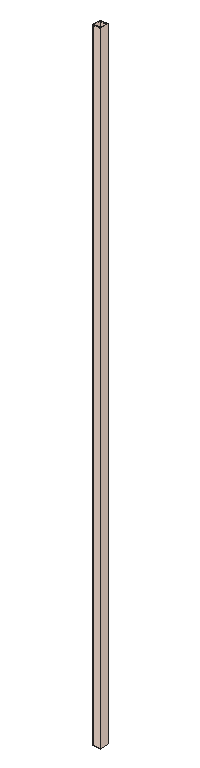
Revit family "SQ-BAR4040", category 機械設備, Revit 2020
Family settings
  丸型コネクタ寸法 = 直径を使用
  種別 = なし
  パーツ タイプ = 標準
  作業面ベース = いいえ
  常に垂直 = はい
  ロード時にボイドで切り取り = いいえ
  共有 = いいえ
  部屋計算ポイント = いいえ
Parameters
  製造元 = "株式会社桐井製作所"
  既定の高さ = 0 mm
  URL = "https://www.kirii.co.jp/"
  K_長さ(mm) [instance] = 3000 mm
  K_材質 = "SGCC　一般用"
  K_断面積A(mm2) = 76.8
  K_断面係数Zy(mm3) = 944.7
  K_断面係数Zx(mm3) = 889
  K_断面2次半径iy(mm) = 16.3
  K_断面2次半径ix(mm) = 15.2
  K_断面2次モーメントIy(mm4) = 20440
  K_断面2次モーメントIx(mm4) = 17780
  K_外形寸法(mm) = "□40×40"
  K_品名 = "SQ-BAR4040"
  K_名称 = "角型スタッド"
  K_単位質量(kg/m) = 0.624
  K_ヤング係数E(N/mm2) = 205000
  K_バージョン情報 = "20210524"
  K_めっき付着量 = "Z08"
  K_JIS規格 = "JIS G 3302"
Reference planes
  plane 1 "中心(正面/背面)": y = 0
  plane 2: z = 0
  plane 3 "中心(左/右)": x = 0
  plane 4: x = 20
  plane 5: x = -20
  plane 6: y = 20
  plane 7: z = 3000
  plane 8: y = -20
Forms (mm)
  Extrusion 1, solid
    sketch origin (0.5, -20, 0) x (1, 0, 0) y (0, 1, 0)
      loop
        line (-20.5, 40) -> (-20.5, 0) -> (19.5, 0) -> (19.5, 40) -> (-20.5, 40)
      loop
        line (-20, 39.5) -> (-20, 0.5) -> (19, 0.5) -> (19, 39.5) -> (-20, 39.5)
    from 0 to 3000
Dimensions and locks
  locked: Extrusion 1 sketch curve to Extrusion 1 sketch curve at 0.5  (x4)
  "K_長さ(mm)": plane 7 to level
  aligned and locked: level to plane 2
  aligned and locked: Extrusion 1 sketch curve to plane 6
  aligned and locked: plane 7 to Extrusion 1
  aligned and locked: plane 6 to Extrusion 1
  aligned and locked: Extrusion 1 to plane 8
  aligned and locked: Extrusion 1 to plane 5
  aligned and locked: plane 4 to Extrusion 1
Automatic sketch dimensions
  Extrusion 1 sketch curve to plane 4 = 0.5 mm
  plane 5 to Extrusion 1 sketch curve = 0.5 mm
  plane 1 "中心(正面/背面)" to Extrusion 1 sketch curve = 19.5 mm
